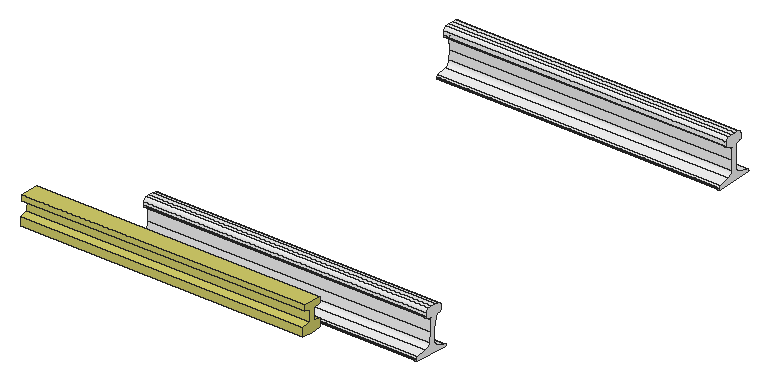
Revit family "R_Rails_ByLine", category Обобщенные модели, Revit 2021
Family settings
  Может служить основой для арматурных стержней = Нет
  Размер круглого соединителя = Использовать диаметр
  Тип детали = Нормальный
  При загрузке вырезать с полостями = Нет
  Общий = Нет
  Точка принадлежности помещению = Нет
Parameters
  Default Elevation = 0 mm
  built-in parameter 1001306 [instance] = 1200 mm
  Length [instance] = [built-in parameter 1001306]  # 1200 mm
Reference planes
  plane 1 "По центру (Вперед/Назад)": y = 0
  plane 2: z = 0
  plane 3 "Слева": x = 0
  plane 4 "Справа": x = 1200
Forms (mm)
  Sweep 1, solid, material "Металл - Сталь"
    path origin (0, -84.609, 0) x (1, 0, 0) y (0, 1, 0)
      loop
        line (0, 0) -> (1200, 0)
    profile origin (600, -84.609, 0) x (0, 1, 0) y (0, 0, 1)
      loop
        arc (-895.274, 203.009) -> (-891.834, 209.185) -> (-885.515, 212.353) r 12
        line (-885.515, 212.353) -> (-872.857, 214.469)
        arc (-872.857, 214.469) -> (-869.914, 216.113) -> (-868.683, 219.251) r 5
        line (-868.683, 219.251) -> (-868.209, 235.062)
        arc (-868.209, 235.062) -> (-871.052, 244.369) -> (-879.008, 249.972) r 15
        arc (-879.008, 249.972) -> (-886.132, 251.68) -> (-893.383, 252.729) r 80
        arc (-893.383, 252.729) -> (-903.343, 253.627) -> (-913.32, 254.326) r 500
        arc (-913.32, 254.326) -> (-920.645, 254.445) -> (-927.951, 253.894) r 80
        arc (-927.951, 253.894) -> (-936.697, 249.628) -> (-940.986, 240.893) r 15
        line (-940.986, 240.893) -> (-943.035, 225.208)
        arc (-943.035, 225.208) -> (-942.32, 221.914) -> (-939.676, 219.823) r 5
        line (-939.676, 219.823) -> (-927.517, 215.718)
        arc (-927.517, 215.718) -> (-921.782, 211.584) -> (-919.369, 204.94) r 12
        arc (-919.369, 204.94) -> (-918.963, 181.037) -> (-920.102, 157.158) r 370
        arc (-920.102, 157.158) -> (-922.075, 138.206) -> (-924.949, 119.37) r 400
        arc (-924.949, 119.37) -> (-931.973, 105.966) -> (-945.444, 99.071) r 25
        line (-945.444, 99.071) -> (-988.507, 91.871)
        arc (-988.507, 91.871) -> (-990.794, 90.631) -> (-991.834, 88.245) r 4
        line (-991.834, 88.245) -> (-992.32, 82.186)
        arc (-992.32, 82.186) -> (-991.849, 80.729) -> (-990.486, 80.033) r 2
        line (-990.486, 80.033) -> (-844.952, 68.372)
        arc (-844.952, 68.372) -> (-843.496, 68.843) -> (-842.799, 70.206) r 2
        line (-842.799, 70.206) -> (-842.313, 76.266)
        arc (-842.313, 76.266) -> (-842.961, 78.786) -> (-845.021, 80.375) r 4
        line (-845.021, 80.375) -> (-886.389, 94.339)
        arc (-886.389, 94.339) -> (-898.589, 103.292) -> (-903.39, 117.643) r 25
        arc (-903.39, 117.643) -> (-903.228, 136.696) -> (-902.159, 155.72) r 400
        arc (-902.159, 155.72) -> (-899.481, 179.476) -> (-895.274, 203.009) r 370
  Sweep 2, solid, material "Металл - Сталь"
    path origin (0, 1492.188, 89.105) x (1, 0, 0) y (0, 1, 0)
      loop
        line (0, 0) -> (1200, 0)
    profile origin (600, 1492.188, 89.105) x (0, 1, 0) y (0, 0, 1)
      loop
        arc (-880.636, 116.905) -> (-890.636, 116.822) -> (-900.633, 116.539) r 500
        arc (-900.633, 116.539) -> (-907.935, 115.939) -> (-915.151, 114.673) r 80
        arc (-915.151, 114.673) -> (-923.437, 109.57) -> (-926.848, 100.456) r 15
        line (-926.848, 100.456) -> (-927.348, 84.646)
        arc (-927.348, 84.646) -> (-926.313, 81.438) -> (-923.477, 79.616) r 5
        line (-923.477, 79.616) -> (-910.974, 76.724)
        arc (-910.974, 76.724) -> (-904.861, 73.173) -> (-901.808, 66.797) r 12
        arc (-901.808, 66.797) -> (-899.059, 43.049) -> (-897.85, 19.173) r 370
        arc (-897.85, 19.173) -> (-897.954, 0.12) -> (-898.967, -18.907) r 400
        arc (-898.967, -18.907) -> (-904.642, -32.935) -> (-917.371, -41.119) r 25
        line (-917.371, -41.119) -> (-959.52, -52.509)
        arc (-959.52, -52.509) -> (-961.675, -53.968) -> (-962.476, -56.444) r 4
        line (-962.476, -56.444) -> (-962.365, -62.521)
        arc (-962.365, -62.521) -> (-961.753, -63.925) -> (-960.328, -64.485) r 2
        line (-960.328, -64.485) -> (-814.353, -61.811)
        arc (-814.353, -61.811) -> (-812.949, -61.2) -> (-812.39, -59.775) r 2
        line (-812.39, -59.775) -> (-812.501, -53.697)
        arc (-812.501, -53.697) -> (-813.392, -51.252) -> (-815.599, -49.873) r 4
        line (-815.599, -49.873) -> (-858.137, -40.035)
        arc (-858.137, -40.035) -> (-871.157, -32.322) -> (-877.342, -18.511) r 25
        arc (-877.342, -18.511) -> (-879.05, 0.466) -> (-879.853, 19.503) r 400
        arc (-879.853, 19.503) -> (-879.518, 43.407) -> (-877.64, 67.239) r 370
        arc (-877.64, 67.239) -> (-874.823, 73.723) -> (-868.844, 77.495) r 12
        line (-868.844, 77.495) -> (-856.455, 80.843)
        arc (-856.455, 80.843) -> (-853.688, 82.768) -> (-852.771, 86.011) r 5
        line (-852.771, 86.011) -> (-853.85, 101.793)
        arc (-853.85, 101.793) -> (-857.592, 110.776) -> (-866.059, 115.572) r 15
        arc (-866.059, 115.572) -> (-873.317, 116.572) -> (-880.636, 116.905) r 80
  Sweep 3, solid, material "Steel_Yellow_ForContactRail"
    path origin (0, -2710.539, 466.313) x (1, 0, 0) y (0, 0.998202, -0.059946)
      loop
        line (0, 0) -> (1200, 0)
    profile origin (600, -2710.539, 466.313) x (0, 0.998202, -0.059946) y (0, 0.059946, 0.998202)
      loop
        line (1109.983, 151.349) -> (1069.487, 150.046) -> (1029.025, 148.724) -> (1029.745, 126.235) -> (1060.511, 119.727) -> (1061.917, 74.687) -> (1027.272, 64.813) -> (1028.275, 32.105)
        arc (1028.275, 32.105) -> (1050.811, 31.316) -> (1073.359, 31.544) r 500
        arc (1073.359, 31.544) -> (1095.834, 32.785) -> (1118.231, 35.037) r 500
        line (1118.231, 35.037) -> (1117.22, 67.741) -> (1081.9, 75.355) -> (1080.491, 120.343) -> (1110.678, 128.882) -> (1109.983, 151.349)
Lines and regions (mm)
  reference lines
    curve 1: line (0, 0, 0) -> (1200, 0, 0)
Dimensions and locks
  "built-in parameter 1001306": plane 3 "Слева" to plane 4 "Справа"
  "Length": Sweep 1 sketch curve to Sweep 1 sketch curve
  "Length": Sweep 2 sketch curve to Sweep 2 sketch curve
  "Length": Sweep 3 sketch curve to Sweep 3 sketch curve
  aligned and locked: plane 4 "Справа" to curve 1
  aligned and locked: plane 1 "По центру (Вперед/Назад)" to curve 1
  aligned and locked: plane 3 "Слева" to curve 1
  aligned and locked: level to plane 2
Automatic sketch dimensions
  Sweep 1 sketch curve to plane 3 "Слева" = 0 mm
  plane 1 "По центру (Вперед/Назад)" to Sweep 1 sketch curve = 84.609 mm
  level to Sweep 1 sketch curve = 189.103 mm
  profile plane to Sweep 1 sketch curve = 1318.824 mm
  Sweep 1 sketch curve to Sweep 1 sketch curve = 29.904 mm  (x2)
  level to Sweep 1 sketch curve = 82.186 mm
  Sweep 1 sketch curve to Sweep 1 sketch curve = 296.6 mm
  level to Sweep 1 sketch curve = 88.245 mm
  Sweep 1 sketch curve to Sweep 1 sketch curve = 0.485 mm
  level to Sweep 1 sketch curve = 80.033 mm
  Sweep 1 sketch curve to Sweep 1 sketch curve = 1.834 mm
  Sweep 1 sketch curve to Sweep 1 sketch curve = 0.16 mm  (x2)
  level to Sweep 1 sketch curve = 91.871 mm
  Sweep 1 sketch curve to Sweep 1 sketch curve = 3.328 mm
  Sweep 1 sketch curve to Sweep 1 sketch curve = 3.987 mm  (x2)
  Sweep 1 sketch curve to Sweep 1 sketch curve = 38.94 mm
  level to Sweep 1 sketch curve = 99.071 mm
  Sweep 1 sketch curve to Sweep 1 sketch curve = 4.122 mm
  Sweep 1 sketch curve to Sweep 1 sketch curve = 47.21 mm
  level to Sweep 1 sketch curve = 225.208 mm
  Sweep 1 sketch curve to Sweep 1 sketch curve = 6.531 mm
  Sweep 1 sketch curve to Sweep 1 sketch curve = 2.049 mm
  level to Sweep 1 sketch curve = 219.823 mm
  Sweep 1 sketch curve to Sweep 1 sketch curve = 3.359 mm
  Sweep 1 sketch curve to Sweep 1 sketch curve = 4.958 mm
  Sweep 1 sketch curve to Sweep 1 sketch curve = 8.322 mm
  level to Sweep 1 sketch curve = 215.718 mm
  Sweep 1 sketch curve to Sweep 1 sketch curve = 3.838 mm
  Sweep 1 sketch curve to Sweep 1 sketch curve = 14.881 mm
  Sweep 1 sketch curve to Sweep 1 sketch curve = 13.075 mm
  Sweep 1 sketch curve to Sweep 1 sketch curve = 17.08 mm
  level to Sweep 1 sketch curve = 94.339 mm
  Sweep 1 sketch curve to Sweep 1 sketch curve = 59.055 mm
  level to Sweep 1 sketch curve = 212.353 mm
  Sweep 1 sketch curve to Sweep 1 sketch curve = 42.002 mm
  Sweep 1 sketch curve to Sweep 1 sketch curve = 1.979 mm
  Sweep 1 sketch curve to Sweep 1 sketch curve = 2.314 mm
  Sweep 1 sketch curve to Sweep 1 sketch curve = 7.996 mm
  Sweep 1 sketch curve to Sweep 1 sketch curve = 11.834 mm
  level to Sweep 1 sketch curve = 214.469 mm
  Sweep 1 sketch curve to Sweep 1 sketch curve = 0.824 mm
  level to Sweep 1 sketch curve = 219.251 mm
  Sweep 1 sketch curve to Sweep 1 sketch curve = 4.998 mm
  level to Sweep 1 sketch curve = 235.062 mm
  Sweep 1 sketch curve to Sweep 1 sketch curve = 14.991 mm
  Sweep 1 sketch curve to Sweep 1 sketch curve = 40.088 mm
  level to Sweep 1 sketch curve = 80.375 mm
  Sweep 1 sketch curve to Sweep 1 sketch curve = 1.279 mm
  level to Sweep 1 sketch curve = 68.372 mm
  Sweep 1 sketch curve to Sweep 1 sketch curve = 1.348 mm
  level to Sweep 1 sketch curve = 70.206 mm
  Sweep 1 sketch curve to Sweep 1 sketch curve = 1.994 mm
  level to Sweep 1 sketch curve = 76.266 mm
  level to Sweep 1 sketch curve = 126.17 mm
  Sweep 1 sketch curve to Sweep 1 sketch curve = 308.973 mm
  Sweep 1 sketch curve to level = 244.775 mm
  Sweep 1 sketch curve to Sweep 1 sketch curve = 23.687 mm
  Sweep 1 sketch curve to Sweep 1 sketch curve = 24.658 mm
  Sweep 1 sketch curve to Sweep 1 sketch curve = 2.396 mm  (x2)
  Sweep 1 sketch curve to Sweep 1 sketch curve = 39.241 mm
  Sweep 1 sketch curve to Sweep 1 sketch curve = 1.368 mm
  Sweep 1 sketch curve to Sweep 1 sketch curve = 11.836 mm
  Sweep 1 sketch curve to Sweep 1 sketch curve = 11.37 mm
  Sweep 1 sketch curve to Sweep 1 sketch curve = 0.508 mm
  Sweep 1 sketch curve to Sweep 1 sketch curve = 14.447 mm
  Sweep 1 sketch curve to Sweep 1 sketch curve = 1.885 mm
  Sweep 1 sketch curve to Sweep 1 sketch curve = 1.846 mm
  Sweep 1 sketch curve to Sweep 1 sketch curve = 0 mm  (x4)
  Sweep 1 sketch curve to Sweep 1 sketch curve = 14.631 mm
  Sweep 1 sketch curve to Sweep 1 sketch curve = 10.183 mm
  Sweep 2 sketch curve to plane 3 "Слева" = 0 mm
  Sweep 2 sketch curve to plane 1 "По центру (Вперед/Назад)" = 1492.188 mm
  profile plane to Sweep 2 sketch curve = 11.85 mm
  profile plane to Sweep 2 sketch curve = 1297.782 mm
  Sweep 2 sketch curve to Sweep 2 sketch curve = 29.995 mm  (x2)
  Sweep 2 sketch curve to profile plane = 56.444 mm
  Sweep 2 sketch curve to Sweep 2 sketch curve = 305.312 mm
  Sweep 2 sketch curve to profile plane = 62.521 mm
  Sweep 2 sketch curve to Sweep 2 sketch curve = 0.111 mm
  Sweep 2 sketch curve to Sweep 2 sketch curve = 2 mm  (x2)
  Sweep 2 sketch curve to profile plane = 64.485 mm
  Sweep 2 sketch curve to Sweep 2 sketch curve = 0.037 mm  (x2)
  Sweep 2 sketch curve to profile plane = 52.509 mm
  Sweep 2 sketch curve to Sweep 2 sketch curve = 2.956 mm
  Sweep 2 sketch curve to Sweep 2 sketch curve = 3.999 mm  (x2)
  profile plane to Sweep 2 sketch curve = 84.646 mm
  Sweep 2 sketch curve to Sweep 2 sketch curve = 32.172 mm
  profile plane to Sweep 2 sketch curve = 100.456 mm
  Sweep 2 sketch curve to Sweep 2 sketch curve = 0.501 mm
  Sweep 2 sketch curve to profile plane = 16.985 mm
  Sweep 2 sketch curve to Sweep 2 sketch curve = 35.627 mm
  profile plane to Sweep 2 sketch curve = 79.616 mm
  Sweep 2 sketch curve to Sweep 2 sketch curve = 3.871 mm
  Sweep 2 sketch curve to Sweep 2 sketch curve = 4.997 mm
  Sweep 2 sketch curve to profile plane = 41.119 mm
  Sweep 2 sketch curve to Sweep 2 sketch curve = 6.522 mm
  Sweep 2 sketch curve to Sweep 2 sketch curve = 9.8 mm
  Sweep 2 sketch curve to Sweep 2 sketch curve = 14.994 mm
  profile plane to Sweep 2 sketch curve = 76.724 mm
  Sweep 2 sketch curve to Sweep 2 sketch curve = 2.704 mm
  Sweep 2 sketch curve to Sweep 2 sketch curve = 15.942 mm
  Sweep 2 sketch curve to Sweep 2 sketch curve = 78.847 mm
  Sweep 2 sketch curve to Sweep 2 sketch curve = 17.132 mm
  profile plane to Sweep 2 sketch curve = 77.495 mm
  Sweep 2 sketch curve to Sweep 2 sketch curve = 42.129 mm
  Sweep 2 sketch curve to Sweep 2 sketch curve = 0.026 mm
  Sweep 2 sketch curve to Sweep 2 sketch curve = 3.13 mm
  Sweep 2 sketch curve to profile plane = 40.035 mm
  Sweep 2 sketch curve to Sweep 2 sketch curve = 40.83 mm
  Sweep 2 sketch curve to Sweep 2 sketch curve = 11.085 mm
  profile plane to Sweep 2 sketch curve = 80.843 mm
  Sweep 2 sketch curve to Sweep 2 sketch curve = 1.304 mm
  profile plane to Sweep 2 sketch curve = 101.793 mm
  Sweep 2 sketch curve to Sweep 2 sketch curve = 14.969 mm
  profile plane to Sweep 2 sketch curve = 86.011 mm
  Sweep 2 sketch curve to Sweep 2 sketch curve = 4.988 mm
  Sweep 2 sketch curve to Sweep 2 sketch curve = 5.634 mm
  Sweep 2 sketch curve to Sweep 2 sketch curve = 41.636 mm
  Sweep 2 sketch curve to profile plane = 49.873 mm
  Sweep 2 sketch curve to Sweep 2 sketch curve = 0.901 mm
  Sweep 2 sketch curve to Sweep 2 sketch curve = 2.111 mm
  Sweep 2 sketch curve to profile plane = 61.811 mm
  Sweep 2 sketch curve to profile plane = 53.697 mm
  Sweep 2 sketch curve to profile plane = 59.775 mm
  profile plane to Sweep 2 sketch curve = 26.278 mm
  Sweep 2 sketch curve to Sweep 2 sketch curve = 302.586 mm
  Sweep 2 sketch curve to Sweep 2 sketch curve = 318.61 mm
  Sweep 2 sketch curve to profile plane = 15.678 mm
  profile plane to Sweep 2 sketch curve = 12.399 mm
  profile plane to Sweep 2 sketch curve = 26.827 mm
  profile plane to Sweep 2 sketch curve = 36.591 mm
  Sweep 2 sketch curve to Sweep 2 sketch curve = 0.314 mm
  Sweep 2 sketch curve to Sweep 2 sketch curve = 11.691 mm
  Sweep 2 sketch curve to Sweep 2 sketch curve = 11.585 mm
  Sweep 2 sketch curve to Sweep 2 sketch curve = 0.416 mm
  Sweep 2 sketch curve to Sweep 2 sketch curve = 0.965 mm
  Sweep 2 sketch curve to Sweep 2 sketch curve = 3.298 mm
  Sweep 2 sketch curve to Sweep 2 sketch curve = 0 mm  (x3)
  Sweep 2 sketch curve to Sweep 2 sketch curve = 14.518 mm
  Sweep 2 sketch curve to Sweep 2 sketch curve = 11.817 mm
  Sweep 2 sketch curve to Sweep 2 sketch curve = 0.752 mm
  Sweep 3 sketch curve to plane 3 "Слева" = 0 mm
  Sweep 3 sketch curve to Sweep 3 sketch curve = 0 mm  (x2)
  profile plane to Sweep 3 sketch curve = 64.813 mm
  Sweep 3 sketch curve to profile plane = 1027.272 mm
  profile plane to Sweep 3 sketch curve = 32.105 mm
  Sweep 3 sketch curve to Sweep 3 sketch curve = 1.003 mm
  profile plane to Sweep 3 sketch curve = 148.724 mm
  Sweep 3 sketch curve to Sweep 3 sketch curve = 1.753 mm
  profile plane to Sweep 3 sketch curve = 126.235 mm
  Sweep 3 sketch curve to Sweep 3 sketch curve = 0.72 mm
  Sweep 3 sketch curve to Sweep 3 sketch curve = 28.005 mm
  profile plane to Sweep 3 sketch curve = 119.727 mm
  Sweep 3 sketch curve to Sweep 3 sketch curve = 30.766 mm
  profile plane to Sweep 3 sketch curve = 74.687 mm
  Sweep 3 sketch curve to Sweep 3 sketch curve = 34.645 mm
  profile plane to Sweep 3 sketch curve = 150.046 mm
  Sweep 3 sketch curve to Sweep 3 sketch curve = 8.976 mm
  profile plane to Sweep 3 sketch curve = 120.343 mm
  Sweep 3 sketch curve to Sweep 3 sketch curve = 19.98 mm
  profile plane to Sweep 3 sketch curve = 75.355 mm
  Sweep 3 sketch curve to Sweep 3 sketch curve = 19.983 mm
  profile plane to Sweep 3 sketch curve = 151.349 mm
  Sweep 3 sketch curve to Sweep 3 sketch curve = 40.496 mm
  profile plane to Sweep 3 sketch curve = 128.882 mm
  Sweep 3 sketch curve to Sweep 3 sketch curve = 0.696 mm
  profile plane to Sweep 3 sketch curve = 67.741 mm
  Sweep 3 sketch curve to Sweep 3 sketch curve = 35.321 mm
  profile plane to Sweep 3 sketch curve = 35.037 mm
  Sweep 3 sketch curve to Sweep 3 sketch curve = 1.011 mm
  profile plane to Sweep 3 sketch curve = 31.544 mm
